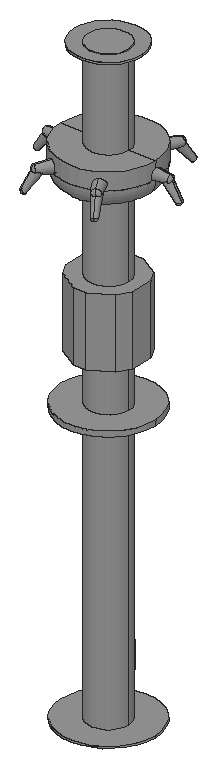
Revit family "Column_Shower-Willoughby-CWCSX", category Plumbing Fixtures, host Face, Revit 2014
Parameters (values of type "Standard")
  water line = Copper
  Waste Connection = no
  Vent Connection = no
  URL = "www.willoughby-ind.com"
  Revision = "A"
  Model = "CWCSX-6"
  Manufacturer = "Willoughby Industries"
  HW Connection = yes
  HCW DIA = 3/4"
  Fixture Body = Stainless Steel AISI 304-Willoughby
  Description = "6 Station Column Shower"
  Default Elevation = 0' - 0"
  Contact = "800-428-4065"
  CW Connection = yes
Reference planes (in)
  plane 1 "Center (Front/Back)": y = 0
  plane 2: z = 0
  plane 3 "Center (Left/Right)": x = 0
  plane 4 "Top Mounting Tube HGT": z = 90
  plane 5 "Shower Head HGT": z = 72
  plane 6 "Valve HGT": z = 54
  plane 7 "Soap dish HGT": z = 42
  plane 8: through (0, 0, 48) normal (-0.866, 0.5, 0)
  plane 9: through (0, 0, 48) normal (-0.866, -0.5, 0)
  plane 10 "Access": z = 6
  plane 11: x = -2
  plane 12: x = 2
Forms (in)
  Extrusion 1, solid, material "Stainless Steel AISI 304-Willoughby" <- "Fixture Body", detail levels fine
    sketch origin (0, 0, 0) x (1, 0, 0) y (0, 1, 0)
      loop
        circle (0, 0) r 7
    from 0 to -0.25
  Extrusion 2, solid, material "Stainless Steel AISI 304-Willoughby" <- "Fixture Body"
    sketch origin (0, 0, 0) x (1, 0, 0) y (0, 1, 0)
      loop
        circle (0, 0) r 3
    from 0 to 90
  Extrusion 3, solid, material "Stainless Steel AISI 304-Willoughby" <- "Fixture Body", detail levels medium+fine
    sketch origin (0, 0, 54) x (1, 0, 0) y (0, 1, 0)
      loop
        line (-5, 1.75) -> (-5, -1.60364) -> (-4.01554, -3.45513) -> (-0.93044, -5.23631) -> (0.8022, -5.23631) -> (3.95504, -3.55992) -> (5, -1.75) -> (5, 1.60364) -> (4.01554, 3.45513) -> (0.93044, 5.23631) -> (-0.8022, 5.23631) -> (-3.95504, 3.55992) -> (-5, 1.75)
    from -5.125 to 5.125
  Extrusion 4, solid, material "Stainless Steel AISI 304-Willoughby" <- "Fixture Body", detail levels fine
    sketch origin (0, 0, 42) x (1, 0, 0) y (0, 1, 0)
      loop
        circle (0, 0) r 7
    from 0 to -0.75
  Revolve 5, solid, material "Stainless Steel AISI 304-Willoughby" <- "Fixture Body"
    sketch origin (0, 0, 0) x (1, 0, 0) y (0, 0, 1)
      loop
        arc (4.125, 71.125) -> (6.24632, 72.00368) -> (7.125, 74.125) r 3
        line (7.125, 74.125) -> (7.125, 76.625) -> (0, 76.625) -> (0, 71.125) -> (4.125, 71.125)
      axis (0, 76.625) -> (0, 71.125)
    angle from 0 to 360
  Revolve 6, solid, material "Stainless Steel AISI 304-Willoughby" <- "Fixture Body", detail levels medium+fine
    sketch origin (9.91588, 0, 2.09759) x (0.987688, 0, 0.156434) y (-0.156434, 0, 0.987688)
      loop
        arc (-9.46681, 72.28319) -> (-9.2487, 72.14739) -> (-8.99211, 72.1607) r 0.42868
        line (-8.99211, 72.1607) -> (-6.70718, 74.07798) -> (-7.1896, 74.5604) -> (-9.46681, 72.28319)
      axis (-7.1896, 74.5604) -> (-9.46681, 72.28319)
    angle from 0 to 360
  Revolve 7, solid, material "Stainless Steel AISI 304-Willoughby" <- "Fixture Body", detail levels medium+fine
    sketch origin (0, 0, 0) x (1, 0, 0) y (0, 0, 1)
      loop
        line (-6.91842, 74.87303) -> (-9.54514, 74.87303)
        arc (-9.54514, 74.87303) -> (-9.49252, 74.54301) -> (-9.29514, 74.27335) r 0.71206
        line (-9.29514, 74.27335) -> (-6.91842, 73.98239) -> (-6.91842, 74.87303)
      axis (-6.91842, 74.87303) -> (-9.54514, 74.87303)
    angle from 0 to 360
  Revolve 8, solid, material "Stainless Steel AISI 304-Willoughby" <- "Fixture Body", detail levels medium+fine
    sketch origin (4.95711, -8.58597, 2.09759) x (0.493844, -0.855363, 0.156434) y (-0.078217, 0.135476, 0.987688)
      loop
        arc (-9.46681, 72.28319) -> (-9.2487, 72.14739) -> (-8.99211, 72.1607) r 0.42868
        line (-8.99211, 72.1607) -> (-6.7977, 74.00203) -> (-7.27284, 74.47716) -> (-9.46681, 72.28319)
      axis (-7.27284, 74.47716) -> (-9.46681, 72.28319)
    angle from 0 to 360
  Revolve 9, solid, material "Stainless Steel AISI 304-Willoughby" <- "Fixture Body", detail levels medium+fine
    sketch origin (-0.00083, 0.00143, 0) x (0.5, -0.866025, 0) y (0, 0, 1)
      loop
        line (-6.81436, 74.87303) -> (-9.54514, 74.87303)
        arc (-9.54514, 74.87303) -> (-9.49252, 74.54301) -> (-9.29514, 74.27335) r 0.71206
        line (-9.29514, 74.27335) -> (-6.81436, 73.96965) -> (-6.81436, 74.87303)
      axis (-6.81436, 74.87303) -> (-9.54514, 74.87303)
    angle from 0 to 360
  Revolve 10, solid, material "Stainless Steel AISI 304-Willoughby" <- "Fixture Body", detail levels medium+fine
    sketch origin (-9.91588, 0, 2.09759) x (-0.987688, 0, 0.156434) y (0.156434, 0, 0.987688)
      loop
        arc (-9.46681, 72.28319) -> (-9.2487, 72.14739) -> (-8.99211, 72.1607) r 0.42868
        line (-8.99211, 72.1607) -> (-6.73502, 74.05462) -> (-7.2152, 74.5348) -> (-9.46681, 72.28319)
      axis (-7.2152, 74.5348) -> (-9.46681, 72.28319)
    angle from 0 to 360
  Revolve 11, solid, material "Stainless Steel AISI 304-Willoughby" <- "Fixture Body", detail levels medium+fine
    sketch origin (0, 0, 0) x (-1, 0, 0) y (0, 0, 1)
      loop
        line (-6.82815, 74.87303) -> (-9.54514, 74.87303)
        arc (-9.54514, 74.87303) -> (-9.49252, 74.54301) -> (-9.29514, 74.27335) r 0.71206
        line (-9.29514, 74.27335) -> (-6.82815, 73.97134) -> (-6.82815, 74.87303)
      axis (-6.82815, 74.87303) -> (-9.54514, 74.87303)
    angle from 0 to 360
  Revolve 12, solid, material "Stainless Steel AISI 304-Willoughby" <- "Fixture Body", detail levels medium+fine
    sketch origin (4.95711, 8.58597, 2.09759) x (0.493844, 0.855363, 0.156434) y (0.078217, 0.135476, -0.987688)
      loop
        line (-9.46681, -72.28319) -> (-7.16024, -74.58976) -> (-6.67525, -74.10477) -> (-8.99211, -72.1607)
        arc (-8.99211, -72.1607) -> (-9.2487, -72.14739) -> (-9.46681, -72.28319) r 0.42868
      axis (-7.16024, -74.58976) -> (-9.46681, -72.28319)
    angle from 0 to 360
  Revolve 13, solid, material "Stainless Steel AISI 304-Willoughby" <- "Fixture Body", detail levels medium+fine
    sketch origin (-0.00083, -0.00143, 0) x (0.5, 0.866025, 0) y (0, 0, -1)
      loop
        line (-6.80237, -74.87303) -> (-6.80237, -73.96818) -> (-9.29514, -74.27335)
        arc (-9.29514, -74.27335) -> (-9.49252, -74.54301) -> (-9.54514, -74.87303) r 0.71206
        line (-9.54514, -74.87303) -> (-6.80237, -74.87303)
      axis (-6.80237, -74.87303) -> (-9.54514, -74.87303)
    angle from 0 to 360
  Revolve 14, solid, material "Stainless Steel AISI 304-Willoughby" <- "Fixture Body", detail levels medium+fine
    sketch origin (-4.95794, -8.5874, 2.09759) x (-0.493844, -0.855363, 0.156434) y (-0.078217, -0.135476, -0.987688)
      loop
        line (-9.46681, -72.28319) -> (-7.28598, -74.46402) -> (-6.812, -73.99003) -> (-8.99211, -72.1607)
        arc (-8.99211, -72.1607) -> (-9.2487, -72.14739) -> (-9.46681, -72.28319) r 0.42868
      axis (-7.28598, -74.46402) -> (-9.46681, -72.28319)
    angle from 0 to 360
  Revolve 15, solid, material "Stainless Steel AISI 304-Willoughby" <- "Fixture Body", detail levels medium+fine
    sketch origin (0, 0, 0) x (-0.5, -0.866025, 0) y (0, 0, -1)
      loop
        line (-6.80978, -74.87303) -> (-6.80978, -73.96909) -> (-9.29514, -74.27335)
        arc (-9.29514, -74.27335) -> (-9.49252, -74.54301) -> (-9.54514, -74.87303) r 0.71206
        line (-9.54514, -74.87303) -> (-6.80978, -74.87303)
      axis (-6.80978, -74.87303) -> (-9.54514, -74.87303)
    angle from 0 to 360
  Revolve 16, solid, material "Stainless Steel AISI 304-Willoughby" <- "Fixture Body", detail levels medium+fine
    sketch origin (-4.95794, 8.5874, 2.09759) x (-0.493844, 0.855363, 0.156434) y (0.078217, -0.135476, 0.987688)
      loop
        arc (-9.46681, 72.28319) -> (-9.2487, 72.14739) -> (-8.99211, 72.1607) r 0.42868
        line (-8.99211, 72.1607) -> (-6.675, 74.10498) -> (-7.16001, 74.58999) -> (-9.46681, 72.28319)
      axis (-7.16001, 74.58999) -> (-9.46681, 72.28319)
    angle from 0 to 360
  Revolve 17, solid, material "Stainless Steel AISI 304-Willoughby" <- "Fixture Body", detail levels medium+fine
    sketch origin (0, 0, 0) x (-0.5, 0.866025, 0) y (0, 0, 1)
      loop
        line (-6.75657, 74.87303) -> (-9.54514, 74.87303)
        arc (-9.54514, 74.87303) -> (-9.49252, 74.54301) -> (-9.29514, 74.27335) r 0.71206
        line (-9.29514, 74.27335) -> (-6.75657, 73.96258) -> (-6.75657, 74.87303)
      axis (-6.75657, 74.87303) -> (-9.54514, 74.87303)
    angle from 0 to 360
  Revolve 18, solid, material "Copper" <- "water line", detail levels fine
    sketch origin (0, 0, 0) x (0, 1, 0) y (0, 0, 1)
      loop
        line (0, 0) -> (0.375, 0) -> (0.375, 2) -> (0, 2) -> (0, 0)
      axis (0, 2) -> (0, 0)
    angle from 0 to 360
  Revolve 19, solid, material "Copper" <- "water line", detail levels fine
    sketch origin (0, 0, 0) x (1, 0, 0) y (0, 0, 1)
      loop
        line (1.25, -0.00728) -> (1.25, 2) -> (0.875, 2) -> (0.875, -0.00728) -> (1.25, -0.00728)
      axis (1.25, 2) -> (1.25, -0.00728)
    angle from 0 to 360
  Extrusion 20, solid, material "Stainless Steel AISI 304-Willoughby" <- "Fixture Body", detail levels coarse+fine
    sketch origin (0, 0, 90) x (1, 0, 0) y (0, 1, 0)
      loop
        circle (0, 0) r 5
    from 0 to -0.25
  Extrusion 21, solid, material "Stainless Steel AISI 304-Willoughby" <- "Fixture Body", detail levels fine
    sketch origin (0, 0, 6) x (1, 0, 0) y (0, 1, 0)
      loop
        line (2, 2.23607) -> (2.07433, 2.3104)
        arc (2.07433, 2.3104) -> (0, 3.10614) -> (-2.07433, 2.3104) r 3.10151
        line (-2.07433, 2.3104) -> (-2, 2.23607)
        arc (-2, 2.23607) -> (0, 3.03719) -> (2, 2.23607) r 2.89705
    from 0 to 4
Lines and regions (in)
  symbolic lines
    curve 1: line (3, 0, 0) -> (3, 0, 89.75)
    curve 2: line (3, 0, 89.75) -> (-3, 0, 89.75)
    curve 3: line (-3, 0, 89.75) -> (-3, 0, 0)
    curve 4: line (-3, 0, 0) -> (3, 0, 0)
    curve 5: line (-3, 0, 0) -> (-7, 0, 0)
    curve 6: line (-7, 0, 0) -> (-7, 0, -0.25)
    curve 7: line (-7, 0, -0.25) -> (7, 0, -0.25)
    curve 8: line (7, 0, -0.25) -> (7, 0, 0)
    curve 13: line (5, 0, 48.875) -> (5, 0, 59.125)
    curve 14: line (5, 0, 59.125) -> (-5, 0, 59.125)
    curve 15: line (-5, 0, 59.125) -> (-5, 0, 48.875)
    curve 16: line (-5, 0, 48.875) -> (5.25, 0, 48.875)
    curve 17: line (3.95504, 0, 48.875) -> (3.95504, 0, 59.125)
    curve 18: line (0.93044, 0, 59.125) -> (0.93044, 0, 48.875)
    curve 19: line (-0.93044, 0, 59.125) -> (-0.93044, 0, 48.875)
    curve 20: line (-4.01554, 0, 59.125) -> (-4.01554, 0, 48.875)
    curve 21: line (7.125, 0, 76.625) -> (-7.125, 0, 76.625)
    curve 22: line (-7.125, 0, 76.625) -> (-7.125, 0, 73.95048)
    curve 23: line (7.125, 0, 76.625) -> (7.125, 0, 73.95048)
    curve 24: arc (7.125, 0, 73.95048) -> (6.24286, 0, 71.98529) -> (4.26762, 0, 71.12588) r 2.98427
    curve 25: arc (-7.125, 0, 73.95048) -> (-6.21874, 0, 71.96219) -> (-4.20003, 0, 71.12588) r 2.98146
    curve 26: line (-4.20003, 0, 71.12588) -> (4.26762, 0, 71.12588)
    curve 27: line (3, 0, 89.75) -> (5, 0, 89.75)
    curve 28: line (5, 0, 89.75) -> (5, 0, 90)
    curve 29: line (5, 0, 90) -> (-5, 0, 90)
    curve 30: line (-5, 0, 90) -> (-5, 0, 89.75)
    curve 31: line (-5, 0, 89.75) -> (-3, 0, 89.75)
    curve 70: line (0, -3, 0) -> (0, -3, 90)
    curve 71: line (0, -3, 90) -> (0, -5, 90)
    curve 72: line (0, -5, 90) -> (0, -5, 89.75)
    curve 73: line (0, -5, 89.75) -> (0, -3, 89.75)
    curve 74: line (0, -3, 90) -> (0, 5, 90)
    curve 75: line (0, 5, 90) -> (0, 5, 89.75)
    curve 76: line (0, 5, 89.75) -> (0, 3, 89.75)
    curve 77: line (0, 3, 90) -> (0, 3, 0)
    curve 78: line (0, 7, 0) -> (0, -7, 0)
    curve 79: line (0, -7, 0) -> (0, -7, -0.25)
    curve 80: line (0, -7, -0.25) -> (0, 7, -0.25)
    curve 81: line (0, 7, -0.25) -> (0, 7, 0)
    curve 82: line (0, 7, 42) -> (0, -7, 42)
    curve 83: line (0, -7, 42) -> (0, -7, 41.25)
    curve 84: line (0, -7, 41.25) -> (0, 7, 41.25)
    curve 85: line (0, 7, 41.25) -> (0, 7, 42)
    curve 86: line (0, -5.23631, 48.875) -> (0, 5.23631, 48.875)
    curve 87: line (0, 5.23631, 48.875) -> (0, 5.23631, 59.125)
    curve 88: line (0, 5.23631, 59.125) -> (0, -5.23631, 59.125)
    curve 89: line (0, -5.23631, 59.125) -> (0, -5.23631, 48.875)
    curve 90: line (0, 3.55992, 59.125) -> (0, 3.55992, 48.875)
    curve 91: line (0, -3.45513, 48.875) -> (0, -3.45513, 59.125)
    curve 92: line (0, -1.60364, 59.125) -> (0, -1.60364, 48.875)
    curve 93: line (0, 1.75, 48.875) -> (0, 1.75, 59.125)
    curve 94: line (0, 7.125, 76.625) -> (0, -7.125, 76.625)
    curve 95: line (0, -7.125, 76.625) -> (0, -7.125, 73.875)
    curve 96: arc (0, -7.125, 73.875) -> (0, -6.20006, 71.95369) -> (0, -4.24764, 71.09637) r 3.07408
    curve 97: line (0, -4.24764, 71.09637) -> (0, 4.09948, 71.09637)
    curve 98: arc (0, 4.09948, 71.09637) -> (0, 6.16792, 71.91114) -> (0, 7.125, 73.91771) r 3.0329
    curve 99: line (0, 7.125, 73.91771) -> (0, 7.125, 76.625)
    curve 132: circle (0, 0, 90) r 3 normal (0, 0, 1)
    curve 133: circle (0, 0, 90) r 5 normal (0, 0, 1)
    curve 134: circle (0, 0, 90) r 7 normal (0, 0, 1)
  symbolic lines, detail levels fine
    curve 9: line (7, 0, 42) -> (-7, 0, 42)
    curve 10: line (-7, 0, 42) -> (-7, 0, 41.25)
    curve 11: line (-7, 0, 41.25) -> (7, 0, 41.25)
    curve 12: line (7, 0, 41.25) -> (7, 0, 42)
    curve 32: line (7.125, 0, 75.75033) -> (9.29514, 0, 75.47271)
    curve 33: line (7.125, 0, 73.95048) -> (8.35961, 0, 74.14603)
    curve 34: line (8.35961, 0, 74.14603) -> (10.25395, 0, 71.96319)
    curve 35: arc (9.29514, 0, 75.47271) -> (9.53624, 0, 75.16358) -> (9.56391, 0, 74.77252) r 0.67228
    curve 36: line (9.56391, 0, 74.77252) -> (10.93721, 0, 72.45961)
    curve 37: arc (10.93721, 0, 72.45961) -> (10.75392, 0, 71.99346) -> (10.25395, 0, 71.96319) r 0.46567
    curve 38: line (4.64757, 0, 75.47271) -> (3.68164, 0, 75.73153)
    curve 39: arc (3.68164, 0, 75.73153) -> (2.82385, 0, 74.87374) -> (3.68164, 0, 74.01595) r 0.85779
    curve 40: line (3.68164, 0, 74.01595) -> (3.92784, 0, 74.05936)
    curve 41: line (3.92784, 0, 74.05936) -> (4.86112, 0, 72.14586)
    curve 42: arc (4.64757, 0, 75.47271) -> (5.11132, 0, 75.18422) -> (5.12928, 0, 74.63835) r 0.57949
    curve 43: line (5.12928, 0, 74.63835) -> (5.68527, 0, 72.4084)
    curve 44: arc (5.68527, 0, 72.4084) -> (5.38665, 0, 71.921) -> (4.86112, 0, 72.14586) r 0.43709
    curve 45: arc (4.59323, 0, 75.48727) -> (4.16105, 0, 75.1624) -> (4.17112, 0, 74.62182) r 0.59408
    curve 46: line (4.17112, 0, 74.62182) -> (4.09716, 0, 74.69579)
    curve 47: arc (4.09716, 0, 74.69579) -> (3.89848, 0, 74.52971) -> (3.81037, 0, 74.28621) r 0.49677
    curve 48: line (3.81037, 0, 74.28621) -> (3.92784, 0, 74.05936)
    curve 49: line (9.09845, 0, 74.75179) -> (8.29606, 0, 74.13596)
    curve 50: line (9.09845, 0, 74.75179) -> (9.29514, 0, 74.63823)
    curve 51: line (9.29514, 0, 74.63823) -> (9.57223, 0, 74.80275)
    curve 52: line (-7.125, 0, 75.77618) -> (-9.29514, 0, 75.47271)
    curve 53: arc (-9.29514, 0, 75.47271) -> (-9.52673, 0, 75.15793) -> (-9.55165, 0, 74.76794) r 0.69436
    curve 54: line (-9.55165, 0, 74.76794) -> (-10.93721, 0, 72.45961)
    curve 55: line (-8.34059, 0, 74.15606) -> (-10.25395, 0, 71.96319)
    curve 56: arc (-10.25395, 0, 71.96319) -> (-10.74766, 0, 71.9988) -> (-10.96563, 0, 72.44323) r 0.49689
    curve 57: line (-8.34059, 0, 74.15606) -> (-7.125, 0, 74.02829)
    curve 58: line (-8.34059, 0, 74.15606) -> (-9.09408, 0, 74.81351)
    curve 59: line (-9.09408, 0, 74.81351) -> (-9.29514, 0, 74.61245)
    curve 60: line (-9.29514, 0, 74.61245) -> (-9.56179, 0, 74.77251)
    curve 61: line (-3.66379, 0, 75.73948) -> (-4.64839, 0, 75.47271)
    curve 62: line (-5.11691, 0, 74.64556) -> (-5.67717, 0, 72.3985)
    curve 63: line (-3.79853, 0, 74.36166) -> (-4.85508, 0, 72.09589)
    curve 64: arc (-4.85508, 0, 72.09589) -> (-5.38792, 0, 71.91632) -> (-5.67717, 0, 72.3985) r 0.44836
    curve 65: arc (-4.14981, 0, 74.64556) -> (-4.6261, 0, 74.74308) -> (-5.10239, 0, 74.64556) r 1.2119
    curve 66: arc (-4.14981, 0, 74.64556) -> (-4.63336, 0, 75.45533) -> (-5.11691, 0, 74.64556) r 0.54926
    curve 67: arc (-3.79853, 0, 74.36166) -> (-3.91655, 0, 74.58045) -> (-4.11152, 0, 74.73467) r 0.61515
    curve 68: arc (-3.66379, 0, 75.73948) -> (-2.78879, 0, 74.86448) -> (-3.66379, 0, 73.98948) r 0.875
    curve 69: line (-3.66379, 0, 73.98948) -> (-3.93784, 0, 74.06291)
    curve 100: line (0, 7.16422, 74.15035) -> (0, 8.78463, 72)
    curve 101: line (0, 8.38965, 74.73022) -> (0, 9.55329, 72.44646)
    curve 102: arc (0, 9.55329, 72.44646) -> (0, 9.31232, 71.97642) -> (0, 8.78463, 72) r 0.48876
    curve 103: arc (0, 8.38965, 74.73022) -> (0, 8.35991, 75.16562) -> (0, 8.04982, 75.47271) r 0.61774
    curve 104: line (0, 8.04982, 75.47271) -> (0, 6.17396, 75.73634)
    curve 105: line (0, 7.16422, 74.15035) -> (0, 6.17396, 74.01118)
    curve 106: arc (0, 6.17396, 74.01118) -> (0, 5.6513, 74.87376) -> (0, 6.17396, 75.73634) r 0.97312
    curve 107: arc (0, 7.7805, 74.63589) -> (0, 8.07677, 74.73669) -> (0, 8.38965, 74.73022) r 0.90223
    curve 108: line (0, 7.7805, 74.63589) -> (0, 7.62893, 74.7234)
    curve 109: arc (0, 7.62893, 74.7234) -> (0, 7.34455, 74.47907) -> (0, 7.16422, 74.15035) r 1.04928
    curve 110: line (0, 0.69348, 74.66589) -> (0, 0.44085, 72.26231)
    curve 111: line (0, -0.69383, 74.63728) -> (0, -0.44421, 72.26231)
    curve 112: arc (0, -0.44421, 72.26231) -> (0, -0.00168, 71.91196) -> (0, 0.44085, 72.26231) r 0.45466
    curve 113: arc (0, 0.65875, 74.33549) -> (0, -0.00168, 75.75956) -> (0, -0.66211, 74.33549) r 0.86517
    curve 114: arc (0, 0.69348, 74.66589) -> (0, 0.67265, 74.76388) -> (0, 0.5982, 74.83091) r 0.1621
    curve 115: arc (0, 0.5982, 74.83091) -> (0, 0, 75.42911) -> (0, -0.5982, 74.83091) r 0.5982
    curve 116: arc (0, -0.5982, 74.83091) -> (0, -0.58769, 74.72024) -> (0, -0.55654, 74.61353) r 0.58801
    curve 117: arc (0, -0.59781, 74.80946) -> (0, -0.67308, 74.73857) -> (0, -0.69383, 74.63728) r 0.17122
    curve 118: arc (0, 0.61707, 74.82097) -> (0, 0.6002, 74.71433) -> (0, 0.56149, 74.61353) r 0.51539
    curve 119: arc (0, 0.56149, 74.61353) -> (0, 0.00247, 74.76042) -> (0, -0.55654, 74.61353) r 1.13715
    curve 120: line (0, -6.14788, 75.75284) -> (0, -8.04982, 75.47271)
    curve 121: line (0, -6.14788, 74.00902) -> (0, -7.125, 74.14634)
    curve 122: line (0, -7.125, 74.14634) -> (0, -8.7489, 72.06784)
    curve 123: line (0, -8.37803, 74.72427) -> (0, -9.52902, 72.46533)
    curve 124: arc (0, -9.52902, 72.46533) -> (0, -9.27621, 71.99721) -> (0, -8.7489, 72.06784) r 0.46811
    curve 125: arc (0, -6.14788, 75.75284) -> (0, -5.64451, 74.88093) -> (0, -6.14788, 74.00902) r 1.00683
    curve 126: arc (0, -8.04982, 75.47271) -> (0, -8.35992, 75.16251) -> (0, -8.37803, 74.72427) r 0.6034
    curve 127: arc (0, -7.50083, 74.82296) -> (0, -7.23828, 74.6195) -> (0, -7.03482, 74.35695) r 1.32031
    curve 128: arc (0, -7.03482, 74.35695) -> (0, -7.06235, 74.24022) -> (0, -7.12936, 74.14076) r 0.33371
    curve 129: arc (0, -7.50083, 74.82296) -> (0, -7.6311, 74.72435) -> (0, -7.76832, 74.63566) r 2.20498
    curve 130: arc (0, -7.76832, 74.63566) -> (0, -8.0653, 74.73412) -> (0, -8.37803, 74.72427) r 0.89451
    curve 131: arc (0, -7.72777, 74.66039) -> (0, -7.71785, 75.13432) -> (0, -8.04982, 75.47271) r 0.61098
    curve 135: line (-6.94341, 0.88828, 90) -> (-9.29514, 0.59968, 90)
    curve 136: line (-9.29514, 0.59968, 90) -> (-10.60479, 0.43896, 90)
    curve 137: line (-6.94312, -0.89059, 90) -> (-9.29514, -0.59968, 90)
    curve 138: line (-9.29514, -0.59968, 90) -> (-10.60479, -0.4377, 90)
    curve 139: arc (-10.60479, -0.4377, 90) -> (-10.93355, 0.00063, 90) -> (-10.60479, 0.43896, 90) r 0.45659
    curve 140: arc (-9.09744, 0.62394, 90) -> (-9.40262, -0.01422, 90) -> (-9.05367, -0.62955, 90) r 0.7645
    curve 141: line (-4.24234, -5.56799, 90) -> (-5.16773, -7.75141, 90)
    curve 142: line (-5.16773, -7.75141, 90) -> (-5.70197, -9.01191, 90)
    curve 143: line (-2.70138, -6.45775, 90) -> (-4.12906, -8.3511, 90)
    curve 144: line (-4.12906, -8.3511, 90) -> (-4.95328, -9.44416, 90)
    curve 145: arc (-4.95328, -9.44416, 90) -> (-5.47698, -9.48673, 90) -> (-5.70197, -9.01191, 90) r 0.4621
    curve 146: arc (-5.0709, -7.52294, 90) -> (-4.69993, -8.14046, 90) -> (-3.97966, -8.15297, 90) r 0.74283
    curve 147: line (4.23904, -5.57051, 90) -> (5.16691, -7.74998, 90)
    curve 148: line (5.16691, -7.74998, 90) -> (5.70562, -9.01537, 90)
    curve 149: line (2.70003, -6.45831, 90) -> (4.12823, -8.34966, 90)
    curve 150: line (4.12823, -8.34966, 90) -> (4.9572, -9.44747, 90)
    curve 151: arc (4.9572, -9.44747, 90) -> (5.47777, -9.48492, 90) -> (5.70562, -9.01537, 90) r 0.46528
    curve 152: arc (3.98152, -8.15537, 90) -> (4.70257, -8.14559, 90) -> (5.07156, -7.52603, 90) r 0.73853
    curve 153: line (6.94288, -0.89245, 90) -> (9.13489, -0.62331, 90)
    curve 154: line (9.13489, -0.62331, 90) -> (10.66913, -0.43493, 90)
    curve 155: line (6.94391, 0.8844, 90) -> (9.29514, 0.59968, 90)
    curve 156: line (9.29514, 0.59968, 90) -> (10.66913, 0.4333, 90)
    curve 157: arc (10.66913, 0.4333, 90) -> (10.95982, -0.00081, 90) -> (10.66913, -0.43493, 90) r 0.4695
    curve 158: arc (9.29514, 0.59968, 90) -> (9.5649, 0, 90) -> (9.29514, -0.59968, 90) r 0.80142
    curve 159: line (2.69534, 6.46027, 90) -> (4.12823, 8.34966, 90)
    curve 160: line (4.23981, 5.56992, 90) -> (5.16691, 7.74998, 90)
    curve 161: line (5.16691, 7.74998, 90) -> (5.72426, 9.06058, 90)
    curve 162: line (4.12823, 8.34966, 90) -> (4.92511, 9.40042, 90)
    curve 163: arc (4.92511, 9.40042, 90) -> (5.43284, 9.48483, 90) -> (5.72426, 9.06058, 90) r 0.47927
    curve 164: arc (5.16691, 7.74998, 90) -> (4.77314, 8.26732, 90) -> (4.12823, 8.34966, 90) r 0.84153
    curve 165: line (-4.24458, 5.56629, 90) -> (-5.16773, 7.75141, 90)
    curve 166: line (-2.7072, 6.45531, 90) -> (-4.12906, 8.3511, 90)
    curve 167: line (-4.12906, 8.3511, 90) -> (-4.9573, 9.4554, 90)
    curve 168: line (-5.16773, 7.75141, 90) -> (-5.70317, 9.07668, 90)
    curve 169: arc (-5.70317, 9.07668, 90) -> (-5.44709, 9.49619, 90) -> (-4.9573, 9.4554, 90) r 0.46794
    curve 170: arc (-5.13656, 7.76941, 90) -> (-4.76941, 8.29686, 90) -> (-4.12906, 8.3511, 90) r 0.75583
Dimensions and locks (in)
  aligned and locked: plane 2 to host face
  aligned and locked: level to host face
  aligned and locked: plane 4 "Top Mounting Tube HGT" to Extrusion 2
  aligned and locked: Extrusion 2 to level
  aligned and locked: plane 7 "Soap dish HGT" to Extrusion 4
  aligned and locked: Revolve 5 sketch curve to Revolve 5 sketch curve  (x2)
  aligned and locked: Revolve 7 sketch curve to Revolve 7 sketch curve  (x2)
  aligned and locked: Revolve 9 sketch curve to Revolve 9 sketch curve  (x2)
  aligned and locked: Revolve 11 sketch curve to Revolve 11 sketch curve  (x2)
  aligned and locked: Revolve 13 sketch curve to Revolve 13 sketch curve  (x2)
  aligned and locked: Revolve 15 sketch curve to Revolve 15 sketch curve  (x2)
  aligned and locked: Revolve 17 sketch curve to Revolve 17 sketch curve  (x2)
  aligned and locked: Revolve 18 sketch curve to Revolve 18 sketch curve  (x2)
  aligned and locked: Revolve 19 sketch curve to Revolve 19 sketch curve  (x2)
  aligned and locked: Extrusion 21 to plane 10 "Access"
Connectors (in)
  piping at (0, 0, 0), diameter 0.75, driven by "CW Connection", driven by "HCW DIA"
    settings: on Revolve 18, index 1, connector inside diameter 24", connector length 0' - 0", flow factor 0, pipe flow 0 GPM, pressure drop 0.00 psi, fitting loss kfactor 0, connector angle 0.00°, fixture units 0, engagement length 0' - 0", angle of deflection 0.00°, flow configuration 0, flow direction 1, fitting loss method 0, system type 20, joint type 0, gender type 0, connector reference index -1, connector utility 1, adjustable connector no, is connector primary yes, connector description "Cold Water Inlet"
  piping at (1.25, 0, -0.00728), diameter 0.75, driven by "HW Connection", driven by "HCW DIA"
    settings: on Revolve 19, index 2, connector inside diameter 24", connector length 0' - 0", flow factor 0, pipe flow 0 GPM, pressure drop 0.00 psi, fitting loss kfactor 0, connector angle 0.00°, fixture units 0, engagement length 0' - 0", angle of deflection 0.00°, flow configuration 0, flow direction 1, fitting loss method 0, system type 19, joint type 0, gender type 0, connector reference index -1, connector utility 1, adjustable connector no, is connector primary no, connector description "Hot Water Inlet"
